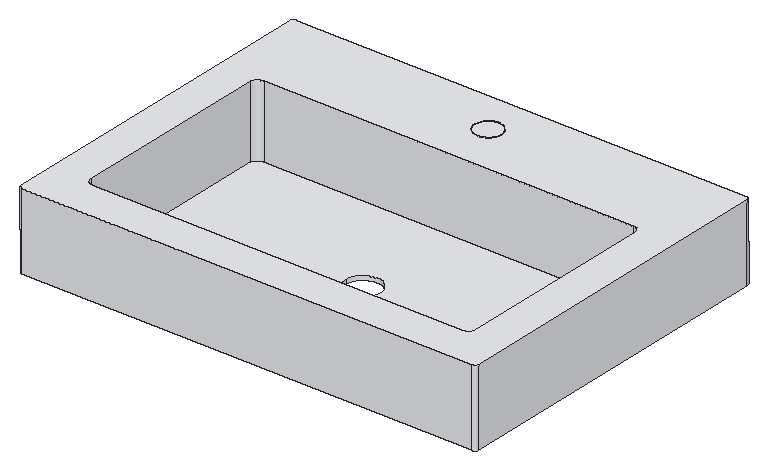
Revit family "Deca_Cuba de Apoio Retangular Cubas Especiais_L.19", category Plumbing Fixtures, host Face, Revit 2013
Parameters (values of type "L.19.17_Branco Gelo GE17")
  WFU = 0
  Vendido Separadamente = "Sifão para lavatório: Cromado: (1680.C.100.112), Dourado (1680.D.100.112).   Slim: Cromado (1684.C.100.112), Dourado (1684.D.100.112) e Gold (1684.D.100.112.GLD).  Quadra: Cromado (1685.C.100.112). Válvulas de escoamentos compatíveis: Luxo: Cromado (1601.C), Branco (1601.E.BR), Gold (1601.D.GLD); Click: Cromado (1601.C.CLI).  Competitivo: Cromado (1602.C), Dourado (1602.D); Tampão plástico: Cromado (1602.C.PLA)."  # constant formula
  Variações de COR = "Branco (L.19.17); Ébano (L.19.95)."  # constant formula
  URL = "www.deca.com.br/produtos"
  Segmento = "Luxo"  # constant formula
  Raio Ponto de Esgoto = 20 mm  # constant formula
  Produto = "Cuba de apoio retangular"  # constant formula
  Peso Liquido (Kg) = 14
  Norma = "ABNT NBR 15097-1: 2011"  # constant formula
  Model = Código  # "L.19.17"
  Material = "Deca_Fireclay"  # constant formula
  Manufacturer = "Deca"  # constant formula
  Louça/Metais = "Louça"  # constant formula
  Linha = "Cubas de apoio"  # constant formula
  Informações Complementares = ""
  Flow Pressure = 0.00 psi
  Diâmetro Ponto de Esgoto = Raio Ponto de Esgoto * 2  # 40 mm
  Description = "Cuba de apoio"  # constant formula
  Default Elevation = 0 mm
  Código = "L.19.17"
  Cuba = Deca GE17 Branco Gelo Cerâmica
  Criado por = "Contino/quattroD"  # constant formula
  Atendimento ao Cliente = "0800-0117073 "  # constant formula
  Assembly Code = "D2010400"
  Aprovado por = "Contino/quattroD"  # constant formula
  Acompanha do Producto = ""
Types (3, lengths in mm): name | Model | Código | Cuba
  (no name) | "L.19.17" | "L.19.17" | Deca GE17 Branco Gelo Cerâmica
  L.19.17_Branco Gelo GE17 | "L.19.17" | "L.19.17" | Deca GE17 Branco Gelo Cerâmica
  L.19.95_Ébano EB95 | "L.19.95" | "L.19.95" | Deca EB95 Ébano Cerâmica
Reference planes
  plane 1 "Center (Front/Back)": y = 0
  plane 2: z = 0
  plane 3 "Center (Left/Right)": x = 0
  plane 4 "Left 1": x = -300
  plane 5 "Right 1": x = 299.998
  plane 6 "Top 1": z = 100
  plane 7 "Back 1": y = 259.98
  plane 8 "Front 1": y = -190
Forms (mm)
  Extrusion 1, void
    sketch origin (0, 0, -120) x (0, 1, 0) y (-1, 0, 0)
      loop
        circle (0, 0) r 22.902
    from 83.716 to 161.469
  Extrusion 2, solid, material "Deca GE17 Branco Gelo Cerâmica" <- "Cuba"
    sketch origin (0, 0.625, -120) x (0, 1, 0) y (-1, 0, 0)
      loop
        line (259.323, -294.999) -> (259.323, 295)
        arc (259.323, 295) -> (257.858, 298.535) -> (254.323, 299.999) r 5
        line (254.323, 299.999) -> (-185.677, 299.999)
        arc (-185.677, 299.999) -> (-189.212, 298.535) -> (-190.677, 295) r 5
        line (-190.677, 295) -> (-190.677, -295)
        arc (-190.677, -295) -> (-189.212, -298.535) -> (-185.677, -299.999) r 5
        line (-185.677, -299.999) -> (254.323, -299.999)
        arc (254.323, -299.999) -> (257.858, -298.535) -> (259.323, -294.999) r 5
      loop
        arc (139.375, 242.623) -> (136.482, 249.607) -> (129.498, 252.5) r 9.877
        line (129.498, 252.5) -> (-130.644, 252.5)
        arc (-130.644, 252.5) -> (-137.702, 249.577) -> (-140.625, 242.519) r 9.981
        line (-140.625, 242.519) -> (-140.625, -242.752)
        arc (-140.625, -242.752) -> (-137.77, -249.645) -> (-130.877, -252.5) r 9.748
        line (-130.877, -252.5) -> (129.368, -252.5)
        arc (129.368, -252.5) -> (136.444, -249.569) -> (139.375, -242.493) r 10.007
        line (139.375, -242.493) -> (139.375, 242.623)
    from 120 to 220
  Extrusion 3, solid, material "Deca GE17 Branco Gelo Cerâmica" <- "Cuba"
    sketch origin (0, 0, -120) x (0, 1, 0) y (-1, 0, 0)
      loop
        line (140, -242.493) -> (140, 242.623)
        arc (140, 242.623) -> (137.107, 249.607) -> (130.123, 252.5) r 9.877
        line (130.123, 252.5) -> (-130.019, 252.5)
        arc (-130.019, 252.5) -> (-137.077, 249.577) -> (-140, 242.519) r 9.981
        line (-140, 242.519) -> (-140, -242.752)
        arc (-140, -242.752) -> (-137.145, -249.645) -> (-130.252, -252.5) r 9.748
        line (-130.252, -252.5) -> (129.993, -252.5)
        arc (129.993, -252.5) -> (137.069, -249.569) -> (140, -242.493) r 10.007
    from 120 to 125.361
  Extrusion 4, void
    sketch origin (0, 0, -120) x (0, 1, 0) y (-1, 0, 0)
      loop
        circle (205.219, 0) r 17.5
    from 0 to 250
  Extrusion 5, solid, material "Deca GE17 Branco Gelo Cerâmica" <- "Cuba"
    sketch origin (0, 0, -120) x (0, 1, 0) y (-1, 0, 0)
      loop
        circle (205.219, 0) r 17.5
    from 215 to 220
Cuts and joins
  Extrusion 4 cuts Extrusion 2
  Extrusion 1 cuts Extrusion 3
  joined: Extrusion 2, Extrusion 3
Lines and regions (mm)
  Masking region 1
    outline origin (0, 0, -120) x (0, 1, 0) y (-1, 0, 0)
      loop
        line (255, 300) -> (-185.001, 300)
        arc (-185.001, 300) -> (-188.536, 298.536) -> (-190, 295.001) r 5
        line (-190, 295.001) -> (-190, -295)
        arc (-190, -295) -> (-188.583, -298.487) -> (-185.136, -299.998) r 5
        line (-185.136, -299.998) -> (255.135, -299.998)
        arc (255.135, -299.998) -> (258.425, -298.642) -> (259.98, -295.441) r 5
        line (259.98, -295.441) -> (259.98, 295.442)
        arc (259.98, 295.442) -> (258.426, 298.642) -> (255.137, 299.998) r 5
      loop
        circle (205.219, 0) r 17.5
  Masking region 2
    outline origin (0, 200, 0) x (-1, 0, 0) y (0, 0, 1)
      loop
        line (293.715, 100) -> (-293.715, 100)
        arc (-293.715, 100) -> (-297.226, 98.56) -> (-298.715, 95.07) r 5
        line (-298.715, 95.07) -> (-300, 3.042)
        arc (-300, 3.042) -> (-299.109, 0.891) -> (-296.958, 0) r 3.042
        line (-296.958, 0) -> (296.958, 0)
        arc (296.958, 0) -> (299.109, 0.891) -> (300, 3.042) r 3.042
        line (300, 3.042) -> (298.715, 95.07)
        arc (298.715, 95.07) -> (297.226, 98.56) -> (293.715, 100) r 5
  Masking region 3
    outline origin (-283.343, 0, 0) x (0, -1, 0) y (0, 0, 1)
      loop
        arc (-254.98, 100) -> (-258.516, 98.536) -> (-259.98, 95) r 5
        line (-259.98, 95) -> (-259.98, 3)
        arc (-259.98, 3) -> (-259.102, 0.879) -> (-256.98, 0) r 3
        line (-256.98, 0) -> (187.183, 0)
        arc (187.183, 0) -> (189.213, 0.951) -> (190.02, 3.042) r 3.005
        line (190.02, 3.042) -> (188.735, 95.07)
        arc (188.735, 95.07) -> (187.246, 98.56) -> (183.735, 100) r 5
        line (183.735, 100) -> (-254.98, 100)
  symbolic lines
    curve 1: line (-64.865, 200, 0) -> (64.866, 200, 0)
    curve 2: line (-242.519, 140, -120) -> (242.518, 140, -120)
    curve 3: line (-252.5, -130.019, -120) -> (-252.5, 130.019, -120)
    curve 4: line (242.518, -140, -120) -> (-242.519, -140, -120)
    curve 5: line (252.5, 130.019, -120) -> (252.5, -130.019, -120)
    curve 6: circle (0, 0, -120) r 32 normal (0, 0, 1)
    curve 7: circle (0, 0, -120) r 22 normal (0, 0, 1)
    curve 8: arc (-242.519, 140, -120) -> (-249.577, 137.076, -120) -> (-252.5, 130.019, -120) r 9.981
    curve 9: arc (-252.5, -130.019, -120) -> (-249.577, -137.077, -120) -> (-242.519, -140, -120) r 9.981
    curve 10: arc (242.518, 140, -120) -> (249.576, 137.076, -120) -> (252.5, 130.019, -120) r 9.981
    curve 11: arc (252.5, -130.019, -120) -> (249.576, -137.077, -120) -> (242.518, -140, -120) r 9.981
  model lines
    curve 12: line (0, 187.719, 100) -> (0, 222.719, 100)
    curve 13: line (-17.5, 205.219, 100) -> (17.5, 205.219, 100)
Dimensions and locks
  plane 6 "Top 1" to host face = 100 mm  (x2)
  plane 5 "Right 1" to plane 4 "Left 1" = 599.998 mm
  plane 8 "Front 1" to plane 7 "Back 1" = 449.98 mm  (x2)
  plane 4 "Left 1" to plane 5 "Right 1" = 599.998 mm
  aligned and locked: host face to plane 2
  aligned and locked: level to host face
Connectors
  piping at (0, 0, 0), driven by "Raio Ponto de Esgoto", driven by "Flow Pressure", driven by "WFU"
    settings: on cut or joined group of Extrusion 1, Extrusion 2, Extrusion 3, Extrusion 4, index 1, connector radius 0.7874", flow factor 0, pipe flow 0 GPM, pressure drop 0.00 psi, fitting loss kfactor 0, connector angle 0.00°, fixture units 0, engagement length 0 mm, flow configuration 3, flow direction 2, fitting loss method 0, system type 16, joint type 0, gender type 0, connector reference index -1, connector utility 0, adjustable connector no, is connector primary yes, fitting loss table "", connector description ""
